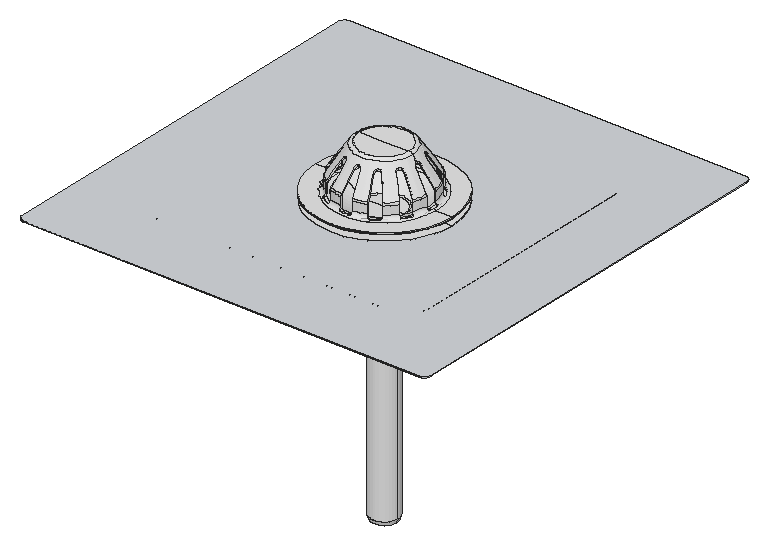
Revit family "Blucher_PlumbingFixture_SiphonicRoofDrain_403.20a", category Plumbing Fixtures, host Face, Revit 2017
Family settings
  Host = Face
  Round Connector Dimension = Use Diameter
  Part Type = Normal
  OmniClass Number = 23.70.50.21.24
  OmniClass Title = Waste Water Drains
  Cut with Voids When Loaded = No
  Shared = No
  Room Calculation Point = No
Parameters (values of type "40mm")
  _BSBibleVersion = 15
  _DistributedBy = "www.bimstore.co.uk"
  _CurrentRevision = 1
  _CreatedBy = "www.bimstore.co.uk"
  _BimSpecGuid = 0
  _Author = "Ian Holmes"
  WarrantyStartDate [instance] = "Please record on commissioning."
  WarrantyGuarantorParts = "mail@blucher.com"
  WarrantyGuarantorLabor = "n/a"
  WarrantyDurationUnit = "Years"
  WarrantyDurationParts = "n/a"
  WarrantyDurationLabor = "n/a"
  WarrantyDescription = "n/a"
  URL = "http://www.blucher.com/"
  TypeName = Type Comments  # "403.204.040"
  Type Comments = "403.204.040"
  PressureDrop [instance] = 0.0 Pa
  PipeMinimumHeight [instance] = PipeMaximumHeight - PipeAdjustment  # 195 mm
  PipeMaximumHeight [instance] = 495 mm  # constant formula
  PipeAdjustment = 300 mm  # constant formula
  MembrainThickness [instance] = 0.8 mm
  MembrainMaterial [instance] = none
  Membrain = yes
  HeightConstraint [instance] = if(HeightAdjustment < PipeMinimumHeight, PipeMinimumHeight, if(HeightAdjustment > PipeMaximumHeight, PipeMaximumHeight, HeightAdjustment))  # 495 mm
  HeightAdjustment [instance] = 495 mm
  Flow_Sewer [instance] = 0.0 L/s
  Flow [instance] = 0.0 L/s
  DrainMaterial = Blucher_Stainless Steel
  Description = "Roof drain with flange for bitumen and pre-mounted bitumen collar."
  SpareParts = "n/a"
  Size = "400mm x 400mm x 40mm"
  Shape = "Rectangular"
  SerialNumber [instance] = "Please record on commissioning."
  ReplacementCost = "n/a"
  ReferencedStandard = "EN1253"
  ProductionYear = "2017"
  NominalLength = 400 mm
  NominalHeight = 496 mm
  NominalDepth = 400 mm
  NBSReference = "90-10-20/304"
  NBSOfficeMasterTag = "n/a"
  NBSObjectName = "BLÜCHER - Siphonic rainwater outlets"
  NBSNote = ""
  NBSDescription = "Siphonic rainwater outlets"
  ModelReference = Model  # "BLÜCHER Siphonic Roof Drain"
  ModelNumber = Type Comments  # "403.204.040"
  Model = "BLÜCHER Siphonic Roof Drain"
  Material = "Available in Stainless Steel AISI 304 & Stainless Steel AISI 316L"
  ManufacturerName = "BLÜCHER"
  Manufacturer = "BLÜCHER"
  Keynote = "R10"
  InstallationDate [instance] = "Please record on commissioning."
  IfcExportType = "IfcWasteTerminalTypeEnum.FLOORWASTE"
  IfcExportAs = "IfcFlowTerminal"
  Grade = "AISI 304/EN 1.4301 or AISI 316L/EN 1.4404"
  Finish = "2B - Pickled"
  Features = "n/a"
  ExpectedLife = 50
  DurationUnit = "Years"
  DocumentationTechnical = "https://www.bimstore.co/products/roof-drain-siphonic-403-20/document/technical-data-sheet"
  DocumentationMaintenance = "https://www.bimstore.co/products/roof-drain-siphonic-403-20/document/maintenance-information"
  DocumentationLiterature = "https://www.bimstore.co/products/roof-drain-siphonic-403-20/document/product-literature"
  DocumentationInstallationGuide = "https://www.bimstore.co/products/roof-drain-siphonic-403-20/document/installation-guide"
  DocumentationCertificates = "https://www.bimstore.co/products/roof-drain-siphonic-403-20/document/product-certificates"
  Default Elevation = 1219.2 mm
  D = 40 mm
  CreatedOn = "2017-11-07-T00:00:00"
  CreatedBy = "mail@blucher.com"
  Constituents = "n/a"
  Color = "Stainless Steel"
  CodePerformance = "n/a"
  ClassificationValue = "Pr_65_50_35_81"
  ClassificationName = "Uniclass2015"
  BarCode [instance] = "Please record on commissioning."
  BIMObjectName = "Blucher_PlumbingFixture_SiphonicRoofDrain_403.20"
  AssetType = "Fixed"
  AssetIdentifier [instance] = "Please record on commissioning."
  Assembly Code = "D2040200"
  AccessibilityPerformance = "n/a"
Types (4, lengths in mm): name | TypeName | Type Comments | Size | ModelNumber | D
  (no name) | "403.204.040" | "403.204.040" | "400mm x 400mm x 40mm" | "403.204.040" | 40
  40mm | "403.204.040" | "403.204.040" | "400mm x 400mm x 40mm" | "403.204.040" | 40
  50mm | "403.204.050" | "403.204.050" | "400mm x 400mm x 50mm" | "403.204.050" | 50
  75mm | "403.204.075" | "403.204.075" | "400mm x 400mm x 75mm" | "403.204.075" | 75
Reference planes
  plane 1 "Center (Front/Back)": y = 0
  plane 2: z = 0
  plane 3 "Center (Left/Right)": x = 0
  plane 4: z = 12
  plane 5: z = -418
  plane 6: z = 77
  plane 7: z = -30
  plane 8: z = 1
Forms (mm)
  Extrusion 1, void
    sketch origin (0, 0, 0) x (1, 0, 0) y (0, 1, 0)
      loop
        circle (0, 0) r 100
    from -418 to 77
Lines and regions (mm)
  reference lines
    curve 1: line (0, 0, 0) -> (0, 0, -418)
Dimensions and locks
  locked: plane 4 to plane 2 at 12
  locked: plane 6 to plane 4 at 65
  "HeightConstraint": plane 6 to plane 5
  locked: plane 2 to plane 7 at 30
  locked: plane 8 to plane 2 at 1
  aligned and locked: plane 2 to host face
  aligned and locked: level to host face
  aligned and locked: plane 1 "Center (Front/Back)" to nested 2
  aligned and locked: plane 3 "Center (Left/Right)" to nested 2
  aligned and locked: plane 3 "Center (Left/Right)" to nested 3
  aligned and locked: plane 1 "Center (Front/Back)" to nested 3
  aligned and locked: plane 1 "Center (Front/Back)" to nested 4
  aligned and locked: plane 3 "Center (Left/Right)" to nested 4
  aligned and locked: nested 4 to plane 5
  aligned and locked: plane 1 "Center (Front/Back)" to nested 5
  aligned and locked: plane 3 "Center (Left/Right)" to nested 5
  aligned and locked: plane 6 to Extrusion 1
  aligned and locked: Extrusion 1 to plane 5
  aligned and locked: plane 5 to curve 1
  aligned and locked: plane 2 to curve 1
  aligned and locked: curve 1 to plane 3 "Center (Left/Right)"
Automatic sketch dimensions
  host sketch curve to host sketch curve = 2438.4 mm  (x2)
  plane 1 "Center (Front/Back)" to Extrusion 1 sketch curve = 0 mm
  Extrusion 1 sketch curve to plane 3 "Center (Left/Right)" = 0 mm
  radius of Extrusion 1 sketch curve = 100 mm
Nested families
  nested 1: "WaterTraps_NotVisable" at (-1080.773, -1219.2, -89.9) x (1, 0, 0) z (0, -1, 0), type "WaterTraps_NotVisable"
  nested 2: "Flange_401.004" at (0, 0, 1), Membrain <- "Membrain", MembrainMaterial <- "MembrainMaterial", MembrainThickness <- "MembrainThickness", type "Flange_401.004"
    with MembrainThickness 0.8 mm, MembrainMaterial none, Membrain yes
  nested 3: "LeafGuard_400.000.001" at (0, 0, 12), type "LeafGuard_400.000.001"
  nested 4: "Pipe" at (0, 0, -30), NominalDiameter <- "D", type "Pipe"
    with TopOffset 4 mm, SocketExternalDiameter 43 mm, NominalDiameter 40 mm, Lip 10 mm, HeadLength 46 mm, H 388 mm
  nested 5: "SiphonicPlate_400.000.100" at (0, 0, 1), D <- "D", type "SiphonicPlate_400.000.100"
    with D 40 mm
Connectors
  piping at (0, 0, -418), diameter 40, driven by "D", driven by "Flow", driven by "PressureDrop"
    settings: on curve 1, index 1, connector inside diameter 609.6 mm, connector length 0 mm, flow factor 0, pipe flow 0.0 L/s, pressure drop 0.0 Pa, fitting loss kfactor 0, connector angle 0.00°, fixture units 0, engagement length 0 mm, angle of deflection 0.00°, flow configuration 2, flow direction 2, fitting loss method 4, system type 16, joint type 0, gender type 0, connector reference index -1, connector utility 0, adjustable connector yes, is connector primary yes, connector description ""
Definition of nested family "Flange_401.004"
  Parameters (values of type "Flange_401.004")
    PlateMaterial = none
    MembrainThickness [instance] = 0.8 mm
    MembrainMaterial [instance] = none
    Membrain [instance] = yes
    Default Elevation = 0 mm
  Reference planes
    plane 1 "Center (Front/Back)": y = 0
    plane 2: z = 0
    plane 3 "Center (Left/Right)": x = 0
    plane 4: z = 0.8
  Forms (mm)
    Extrusion 1, solid
      sketch origin (0, 0, 0) x (1, 0, 0) y (0, 1, 0)
        loop
          line (-1219.2, 1219.2) -> (-1219.2, -1219.2) -> (1219.2, -1219.2) -> (1219.2, 1219.2) -> (-1219.2, 1219.2)
      from 0 to -304.8
    Extrusion 2, solid, material <- "PlateMaterial"
      sketch origin (0, 0, 0) x (1, 0, 0) y (0, 1, 0)
        loop
          line (-200, 172.929) -> (-200, -172.929)
          arc (-200, -172.929) -> (-199.619, -174.842) -> (-198.536, -176.464) r 5
          line (-198.536, -176.464) -> (-176.464, -198.536)
          arc (-176.464, -198.536) -> (-174.842, -199.619) -> (-172.929, -200) r 5
          line (-172.929, -200) -> (172.929, -200)
          arc (172.929, -200) -> (174.842, -199.619) -> (176.464, -198.536) r 5
          line (176.464, -198.536) -> (198.536, -176.464)
          arc (198.536, -176.464) -> (199.619, -174.842) -> (200, -172.929) r 5
          line (200, -172.929) -> (200, 172.929)
          arc (200, 172.929) -> (199.619, 174.842) -> (198.536, 176.464) r 5
          line (198.536, 176.464) -> (176.464, 198.536)
          arc (176.464, 198.536) -> (174.842, 199.619) -> (172.929, 200) r 5
          line (172.929, 200) -> (-172.929, 200)
          arc (-172.929, 200) -> (-174.842, 199.619) -> (-176.464, 198.536) r 5
          line (-176.464, 198.536) -> (-198.536, 176.464)
          arc (-198.536, 176.464) -> (-199.619, 174.842) -> (-200, 172.929) r 5
        loop
          circle (0, 0) r 100
      from -1 to 0
    Extrusion 3, solid, material <- "MembrainMaterial", visible <- "Membrain"
      sketch origin (0, 0, 0) x (1, 0, 0) y (0, 1, 0)
        loop
          line (290, 300) -> (-290, 300)
          arc (-290, 300) -> (-297.071, 297.071) -> (-300, 290) r 10
          line (-300, 290) -> (-300, -290)
          arc (-300, -290) -> (-297.071, -297.071) -> (-290, -300) r 10
          line (-290, -300) -> (290, -300)
          arc (290, -300) -> (297.071, -297.071) -> (300, -290) r 10
          line (300, -290) -> (300, 290)
          arc (300, 290) -> (297.071, 297.071) -> (290, 300) r 10
        loop
          circle (0, 0) r 100
      from 0 to 0.8
  Dimensions and locks
    "MembrainThickness": plane 4 to plane 2
    aligned and locked: plane 2 to Extrusion 1
    aligned and locked: level to Extrusion 1
    aligned and locked: Extrusion 3 to plane 4
  Automatic sketch dimensions
    Extrusion 1 sketch curve to Extrusion 1 sketch curve = 2438.4 mm  (x2)
    plane 1 "Center (Front/Back)" to Extrusion 2 sketch curve = 0 mm
    Extrusion 2 sketch curve to plane 3 "Center (Left/Right)" = 0 mm
    Extrusion 2 sketch curve to Extrusion 2 sketch curve = 3.536 mm  (x10)
    Extrusion 2 sketch curve to Extrusion 2 sketch curve = 1.464 mm  (x2)
    plane 1 "Center (Front/Back)" to Extrusion 3 sketch curve = 0 mm
    Extrusion 3 sketch curve to plane 3 "Center (Left/Right)" = 0 mm
    Extrusion 3 sketch curve to Extrusion 3 sketch curve = 10 mm  (x3)
    Extrusion 3 sketch curve to plane 3 "Center (Left/Right)" = 290 mm
    plane 3 "Center (Left/Right)" to Extrusion 3 sketch curve = 290 mm  (x2)
    plane 1 "Center (Front/Back)" to Extrusion 3 sketch curve = 290 mm
    Extrusion 3 sketch curve to plane 1 "Center (Front/Back)" = 290 mm
    Extrusion 2 sketch curve to plane 3 "Center (Left/Right)" = 172.929 mm  (x2)
    Extrusion 2 sketch curve to Extrusion 2 sketch curve = 22.071 mm  (x6)
    plane 3 "Center (Left/Right)" to Extrusion 2 sketch curve = 172.929 mm  (x2)
    Extrusion 2 sketch curve to Extrusion 2 sketch curve = 5 mm  (x2)
    plane 1 "Center (Front/Back)" to Extrusion 2 sketch curve = 172.929 mm  (x2)
    Extrusion 2 sketch curve to plane 1 "Center (Front/Back)" = 172.929 mm  (x2)
    radius of Extrusion 2 sketch curve = 100 mm
    radius of Extrusion 3 sketch curve = 100 mm
Definition of nested family "LeafGuard_400.000.001"
  Parameters (values of type "LeafGuard_400.000.001")
    LeafGuardMaterial = none
    Default Elevation = 0 mm
  Reference planes
    plane 1 "Center (Front/Back)": y = 0
    plane 2: z = 0
    plane 3 "Center (Left/Right)": x = 0
  Forms (mm)
    Extrusion 1, solid
      sketch origin (0, 0, 0) x (1, 0, 0) y (0, 1, 0)
        loop
          line (-1219.2, 1219.2) -> (-1219.2, -1219.2) -> (1219.2, -1219.2) -> (1219.2, 1219.2) -> (-1219.2, 1219.2)
      from 0 to -304.8
    Revolve 2, solid, material <- "LeafGuardMaterial"
      sketch origin (0, 0, -12) x (1, 0, 0) y (0, 0, 1)
        loop
          arc (-75.403, 12) -> (-70.468, 14.379) -> (-68.467, 19.479) r 7.5
          line (-68.467, 19.479) -> (-68.467, 31.783)
          arc (-68.467, 31.783) -> (-68.287, 32.969) -> (-67.763, 34.048) r 4
          line (-67.763, 34.048) -> (-40.571, 73.615)
          arc (-40.571, 73.615) -> (-38.599, 75.367) -> (-36.038, 76) r 5.5
          line (-36.038, 76) -> (0, 76) -> (0, 77) -> (-36.038, 77)
          arc (-36.038, 77) -> (-39.064, 76.252) -> (-41.395, 74.182) r 6.5
          line (-41.395, 74.182) -> (-68.588, 34.615)
          arc (-68.588, 34.615) -> (-69.242, 33.265) -> (-69.467, 31.783) r 5
          line (-69.467, 31.783) -> (-69.467, 19.479)
          arc (-69.467, 19.479) -> (-71.371, 14.883) -> (-75.967, 12.979) r 6.5
          line (-75.967, 12.979) -> (-100, 12.979) -> (-100, 12) -> (-75.403, 12)
        axis (0, 77) -> (0, 12)
      angle from 0 to 360
    Extrusion 3, void
      sketch origin (0, 0, 0) x (1, 0, 0) y (0, 1, 0)
        loop
          arc (5.168, -50.096) -> (4.044, -47.956) -> (1.893, -46.854) r 4
          arc (1.893, -46.854) -> (0.008, -46.696) -> (-1.877, -46.851) r 11.414
          arc (-1.877, -46.851) -> (-4.04, -47.957) -> (-5.17, -50.107) r 4.015
          line (-5.17, -50.107) -> (-8.432, -68.403)
          arc (-8.432, -68.403) -> (-8.548, -69.278) -> (-8.587, -70.159) r 10
          line (-8.587, -70.159) -> (-8.587, -71.277)
          arc (-8.587, -71.277) -> (-8.264, -72.113) -> (-7.463, -72.516) r 1.245
          arc (-7.463, -72.516) -> (0, -72.878) -> (7.464, -72.515) r 77.106
          arc (7.464, -72.515) -> (8.265, -72.113) -> (8.587, -71.277) r 1.244
          line (8.587, -71.277) -> (8.587, -70.159)
          arc (8.587, -70.159) -> (8.548, -69.278) -> (8.432, -68.403) r 10
          line (8.432, -68.403) -> (5.168, -50.096)
      from 1 to 71.093
    Extrusion 4, void
      sketch origin (0, 0, 0) x (0, -1, 0) y (1, 0, 0)
        loop
          line (5.168, 50.096) -> (8.432, 68.403)
          arc (8.432, 68.403) -> (8.548, 69.278) -> (8.587, 70.159) r 10
          line (8.587, 70.159) -> (8.587, 71.277)
          arc (8.587, 71.277) -> (8.265, 72.113) -> (7.464, 72.515) r 1.244
          arc (7.464, 72.515) -> (0, 72.878) -> (-7.463, 72.516) r 77.106
          arc (-7.463, 72.516) -> (-8.264, 72.113) -> (-8.587, 71.277) r 1.245
          line (-8.587, 71.277) -> (-8.587, 70.159)
          arc (-8.587, 70.159) -> (-8.548, 69.278) -> (-8.432, 68.403) r 10
          line (-8.432, 68.403) -> (-5.17, 50.107)
          arc (-5.17, 50.107) -> (-4.04, 47.957) -> (-1.877, 46.851) r 4.015
          arc (-1.877, 46.851) -> (0.008, 46.696) -> (1.893, 46.854) r 11.414
          arc (1.893, 46.854) -> (4.044, 47.956) -> (5.168, 50.096) r 4
      from 1 to 71.093
    Extrusion 5, void
      sketch origin (0, 0, 0) x (0, -1, 0) y (1, 0, 0)
        loop
          arc (5.168, -50.096) -> (4.044, -47.956) -> (1.893, -46.854) r 4
          arc (1.893, -46.854) -> (0.008, -46.696) -> (-1.877, -46.851) r 11.414
          arc (-1.877, -46.851) -> (-4.04, -47.957) -> (-5.17, -50.107) r 4.015
          line (-5.17, -50.107) -> (-8.432, -68.403)
          arc (-8.432, -68.403) -> (-8.548, -69.278) -> (-8.587, -70.159) r 10
          line (-8.587, -70.159) -> (-8.587, -71.277)
          arc (-8.587, -71.277) -> (-8.264, -72.113) -> (-7.463, -72.516) r 1.245
          arc (-7.463, -72.516) -> (0, -72.878) -> (7.464, -72.515) r 77.106
          arc (7.464, -72.515) -> (8.265, -72.113) -> (8.587, -71.277) r 1.244
          line (8.587, -71.277) -> (8.587, -70.159)
          arc (8.587, -70.159) -> (8.548, -69.278) -> (8.432, -68.403) r 10
          line (8.432, -68.403) -> (5.168, -50.096)
      from 1 to 71.093
    Extrusion 6, void
      sketch origin (0, 0, 0) x (1, 0, 0) y (0, 1, 0)
        loop
          line (5.168, 50.096) -> (8.432, 68.403)
          arc (8.432, 68.403) -> (8.548, 69.278) -> (8.587, 70.159) r 10
          line (8.587, 70.159) -> (8.587, 71.277)
          arc (8.587, 71.277) -> (8.265, 72.113) -> (7.464, 72.515) r 1.244
          arc (7.464, 72.515) -> (0, 72.878) -> (-7.463, 72.516) r 77.106
          arc (-7.463, 72.516) -> (-8.264, 72.113) -> (-8.587, 71.277) r 1.245
          line (-8.587, 71.277) -> (-8.587, 70.159)
          arc (-8.587, 70.159) -> (-8.548, 69.278) -> (-8.432, 68.403) r 10
          line (-8.432, 68.403) -> (-5.17, 50.107)
          arc (-5.17, 50.107) -> (-4.04, 47.957) -> (-1.877, 46.851) r 4.015
          arc (-1.877, 46.851) -> (0.008, 46.696) -> (1.893, 46.854) r 11.414
          arc (1.893, 46.854) -> (4.044, 47.956) -> (5.168, 50.096) r 4
      from 1 to 71.093
    Extrusion 7, void
      sketch origin (0, 0, 0) x (-0.5, 0.866025, 0) y (-0.866025, -0.5, 0)
        loop
          line (5.168, 50.096) -> (8.432, 68.403)
          arc (8.432, 68.403) -> (8.548, 69.278) -> (8.587, 70.159) r 10
          line (8.587, 70.159) -> (8.587, 71.277)
          arc (8.587, 71.277) -> (8.265, 72.113) -> (7.464, 72.515) r 1.244
          arc (7.464, 72.515) -> (0, 72.878) -> (-7.463, 72.516) r 77.106
          arc (-7.463, 72.516) -> (-8.264, 72.113) -> (-8.587, 71.277) r 1.245
          line (-8.587, 71.277) -> (-8.587, 70.159)
          arc (-8.587, 70.159) -> (-8.548, 69.278) -> (-8.432, 68.403) r 10
          line (-8.432, 68.403) -> (-5.17, 50.107)
          arc (-5.17, 50.107) -> (-4.04, 47.957) -> (-1.877, 46.851) r 4.015
          arc (-1.877, 46.851) -> (0.008, 46.696) -> (1.893, 46.854) r 11.414
          arc (1.893, 46.854) -> (4.044, 47.956) -> (5.168, 50.096) r 4
      from 1 to 71.093
    Extrusion 8, void
      sketch origin (0, 0, 0) x (-0.5, 0.866025, 0) y (-0.866025, -0.5, 0)
        loop
          arc (5.168, -50.096) -> (4.044, -47.956) -> (1.893, -46.854) r 4
          arc (1.893, -46.854) -> (0.008, -46.696) -> (-1.877, -46.851) r 11.414
          arc (-1.877, -46.851) -> (-4.04, -47.957) -> (-5.17, -50.107) r 4.015
          line (-5.17, -50.107) -> (-8.432, -68.403)
          arc (-8.432, -68.403) -> (-8.548, -69.278) -> (-8.587, -70.159) r 10
          line (-8.587, -70.159) -> (-8.587, -71.277)
          arc (-8.587, -71.277) -> (-8.264, -72.113) -> (-7.463, -72.516) r 1.245
          arc (-7.463, -72.516) -> (0, -72.878) -> (7.464, -72.515) r 77.106
          arc (7.464, -72.515) -> (8.265, -72.113) -> (8.587, -71.277) r 1.244
          line (8.587, -71.277) -> (8.587, -70.159)
          arc (8.587, -70.159) -> (8.548, -69.278) -> (8.432, -68.403) r 10
          line (8.432, -68.403) -> (5.168, -50.096)
      from 1 to 71.093
    Extrusion 9, void
      sketch origin (0, 0, 0) x (-0.5, -0.866025, 0) y (0.866025, -0.5, 0)
        loop
          arc (5.168, -50.096) -> (4.044, -47.956) -> (1.893, -46.854) r 4
          arc (1.893, -46.854) -> (0.008, -46.696) -> (-1.877, -46.851) r 11.414
          arc (-1.877, -46.851) -> (-4.04, -47.957) -> (-5.17, -50.107) r 4.015
          line (-5.17, -50.107) -> (-8.432, -68.403)
          arc (-8.432, -68.403) -> (-8.548, -69.278) -> (-8.587, -70.159) r 10
          line (-8.587, -70.159) -> (-8.587, -71.277)
          arc (-8.587, -71.277) -> (-8.264, -72.113) -> (-7.463, -72.516) r 1.245
          arc (-7.463, -72.516) -> (0, -72.878) -> (7.464, -72.515) r 77.106
          arc (7.464, -72.515) -> (8.265, -72.113) -> (8.587, -71.277) r 1.244
          line (8.587, -71.277) -> (8.587, -70.159)
          arc (8.587, -70.159) -> (8.548, -69.278) -> (8.432, -68.403) r 10
          line (8.432, -68.403) -> (5.168, -50.096)
      from 1 to 71.093
    Extrusion 10, void
      sketch origin (0, 0, 0) x (-0.5, -0.866025, 0) y (0.866025, -0.5, 0)
        loop
          line (5.168, 50.096) -> (8.432, 68.403)
          arc (8.432, 68.403) -> (8.548, 69.278) -> (8.587, 70.159) r 10
          line (8.587, 70.159) -> (8.587, 71.277)
          arc (8.587, 71.277) -> (8.265, 72.113) -> (7.464, 72.515) r 1.244
          arc (7.464, 72.515) -> (0, 72.878) -> (-7.463, 72.516) r 77.106
          arc (-7.463, 72.516) -> (-8.264, 72.113) -> (-8.587, 71.277) r 1.245
          line (-8.587, 71.277) -> (-8.587, 70.159)
          arc (-8.587, 70.159) -> (-8.548, 69.278) -> (-8.432, 68.403) r 10
          line (-8.432, 68.403) -> (-5.17, 50.107)
          arc (-5.17, 50.107) -> (-4.04, 47.957) -> (-1.877, 46.851) r 4.015
          arc (-1.877, 46.851) -> (0.008, 46.696) -> (1.893, 46.854) r 11.414
          arc (1.893, 46.854) -> (4.044, 47.956) -> (5.168, 50.096) r 4
      from 1 to 71.093
    Extrusion 11, void
      sketch origin (0, 0, 0) x (-0.866025, 0.5, 0) y (-0.5, -0.866025, 0)
        loop
          line (5.168, 50.096) -> (8.432, 68.403)
          arc (8.432, 68.403) -> (8.548, 69.278) -> (8.587, 70.159) r 10
          line (8.587, 70.159) -> (8.587, 71.277)
          arc (8.587, 71.277) -> (8.265, 72.113) -> (7.464, 72.515) r 1.244
          arc (7.464, 72.515) -> (0, 72.878) -> (-7.463, 72.516) r 77.106
          arc (-7.463, 72.516) -> (-8.264, 72.113) -> (-8.587, 71.277) r 1.245
          line (-8.587, 71.277) -> (-8.587, 70.159)
          arc (-8.587, 70.159) -> (-8.548, 69.278) -> (-8.432, 68.403) r 10
          line (-8.432, 68.403) -> (-5.17, 50.107)
          arc (-5.17, 50.107) -> (-4.04, 47.957) -> (-1.877, 46.851) r 4.015
          arc (-1.877, 46.851) -> (0.008, 46.696) -> (1.893, 46.854) r 11.414
          arc (1.893, 46.854) -> (4.044, 47.956) -> (5.168, 50.096) r 4
      from 1 to 71.093
    Extrusion 12, void
      sketch origin (0, 0, 0) x (-0.866025, 0.5, 0) y (-0.5, -0.866025, 0)
        loop
          arc (5.168, -50.096) -> (4.044, -47.956) -> (1.893, -46.854) r 4
          arc (1.893, -46.854) -> (0.008, -46.696) -> (-1.877, -46.851) r 11.414
          arc (-1.877, -46.851) -> (-4.04, -47.957) -> (-5.17, -50.107) r 4.015
          line (-5.17, -50.107) -> (-8.432, -68.403)
          arc (-8.432, -68.403) -> (-8.548, -69.278) -> (-8.587, -70.159) r 10
          line (-8.587, -70.159) -> (-8.587, -71.277)
          arc (-8.587, -71.277) -> (-8.264, -72.113) -> (-7.463, -72.516) r 1.245
          arc (-7.463, -72.516) -> (0, -72.878) -> (7.464, -72.515) r 77.106
          arc (7.464, -72.515) -> (8.265, -72.113) -> (8.587, -71.277) r 1.244
          line (8.587, -71.277) -> (8.587, -70.159)
          arc (8.587, -70.159) -> (8.548, -69.278) -> (8.432, -68.403) r 10
          line (8.432, -68.403) -> (5.168, -50.096)
      from 1 to 71.093
    Extrusion 13, void
      sketch origin (0, 0, 0) x (0.866025, 0.5, 0) y (-0.5, 0.866025, 0)
        loop
          arc (5.168, -50.096) -> (4.044, -47.956) -> (1.893, -46.854) r 4
          arc (1.893, -46.854) -> (0.008, -46.696) -> (-1.877, -46.851) r 11.414
          arc (-1.877, -46.851) -> (-4.04, -47.957) -> (-5.17, -50.107) r 4.015
          line (-5.17, -50.107) -> (-8.432, -68.403)
          arc (-8.432, -68.403) -> (-8.548, -69.278) -> (-8.587, -70.159) r 10
          line (-8.587, -70.159) -> (-8.587, -71.277)
          arc (-8.587, -71.277) -> (-8.264, -72.113) -> (-7.463, -72.516) r 1.245
          arc (-7.463, -72.516) -> (0, -72.878) -> (7.464, -72.515) r 77.106
          arc (7.464, -72.515) -> (8.265, -72.113) -> (8.587, -71.277) r 1.244
          line (8.587, -71.277) -> (8.587, -70.159)
          arc (8.587, -70.159) -> (8.548, -69.278) -> (8.432, -68.403) r 10
          line (8.432, -68.403) -> (5.168, -50.096)
      from 1 to 71.093
    Extrusion 14, void
      sketch origin (0, 0, 0) x (0.866025, 0.5, 0) y (-0.5, 0.866025, 0)
        loop
          line (5.168, 50.096) -> (8.432, 68.403)
          arc (8.432, 68.403) -> (8.548, 69.278) -> (8.587, 70.159) r 10
          line (8.587, 70.159) -> (8.587, 71.277)
          arc (8.587, 71.277) -> (8.265, 72.113) -> (7.464, 72.515) r 1.244
          arc (7.464, 72.515) -> (0, 72.878) -> (-7.463, 72.516) r 77.106
          arc (-7.463, 72.516) -> (-8.264, 72.113) -> (-8.587, 71.277) r 1.245
          line (-8.587, 71.277) -> (-8.587, 70.159)
          arc (-8.587, 70.159) -> (-8.548, 69.278) -> (-8.432, 68.403) r 10
          line (-8.432, 68.403) -> (-5.17, 50.107)
          arc (-5.17, 50.107) -> (-4.04, 47.957) -> (-1.877, 46.851) r 4.015
          arc (-1.877, 46.851) -> (0.008, 46.696) -> (1.893, 46.854) r 11.414
          arc (1.893, 46.854) -> (4.044, 47.956) -> (5.168, 50.096) r 4
      from 1 to 71.093
    Revolve 15, solid, material <- "LeafGuardMaterial"
      sketch origin (0, 0, 0) x (1, 0, 0) y (0, 0, 1)
        loop
          line (0, -21) -> (0, -20) -> (-28.762, -20)
          arc (-28.762, -20) -> (-29.927, -19.847) -> (-31.012, -19.397) r 4.5
          line (-31.012, -19.397) -> (-62.288, -1.34)
          arc (-62.288, -1.34) -> (-64.7, -0.341) -> (-67.288, 0) r 10
          line (-67.288, 0) -> (-100, 0) -> (-100, -1) -> (-67.288, -1)
          arc (-67.288, -1) -> (-64.959, -1.307) -> (-62.788, -2.206) r 9
          line (-62.788, -2.206) -> (-31.512, -20.263)
          arc (-31.512, -20.263) -> (-30.186, -20.813) -> (-28.762, -21) r 5.5
          line (-28.762, -21) -> (0, -21)
        axis (0, 0) -> (0, -21)
      angle from 0 to 360
  Cuts and joins
    Extrusion 3, Extrusion 4, Extrusion 5, Extrusion 6, Extrusion 7, Extrusion 8, Extrusion 9, Extrusion 10, Extrusion 11, Extrusion 12, Extrusion 13, Extrusion 14 cuts Revolve 2
  Dimensions and locks
    aligned and locked: plane 2 to Extrusion 1
    aligned and locked: level to Extrusion 1
Definition of nested family "Pipe"
  Parameters (values of type "Pipe")
    TopOffset [instance] = if(NominalDiameter = 40 mm, 4 mm, if(NominalDiameter = 50 mm, 3 mm, if(NominalDiameter = 75 mm, 4 mm, 5 mm)))  # 4 mm
    T = 1 mm
    SocketExternalDiameter [instance] = NominalDiameter + 3 mm  # 43 mm
    PipeMaterial = none
    NominalDiameter [instance] = 40 mm
    Lip [instance] = if(NominalDiameter = 40 mm, 10 mm, if(NominalDiameter = 50 mm, 10 mm, if(NominalDiameter = 75 mm, 10.5 mm, 12 mm)))  # 10 mm
    HeadLength [instance] = if(NominalDiameter = 40 mm, 46 mm, if(NominalDiameter = 50 mm, 47 mm, if(NominalDiameter = 75 mm, 55 mm, 62 mm)))  # 46 mm
    H [instance] = 502 mm
    Default Elevation = 0 mm
  Reference planes
    plane 1 "Center (Front/Back)": y = 0
    plane 2: z = 0
    plane 3 "Center (Left/Right)": x = 0
    plane 4: z = -46
    plane 5: z = -40.816
    plane 6: z = -14
    plane 7: z = -4
    plane 8: z = -502
    plane 9: x = 20
    plane 10: x = 21.5
    plane 11: x = -21.5
    plane 12: x = -20
    plane 13: x = -20.5
    plane 14: x = 20.5
    plane 15: x = 19
    plane 16: x = -19
    plane 17: x = 26.5
    plane 18: x = 25.5
    plane 19: z = -13
    plane 20: z = -5
    plane 21: z = -496.506
    plane 22: x = 18.01
  Forms (mm)
    Extrusion 1, solid
      sketch origin (0, 0, 0) x (1, 0, 0) y (0, 1, 0)
        loop
          line (-1219.2, 1219.2) -> (-1219.2, -1219.2) -> (1219.2, -1219.2) -> (1219.2, 1219.2) -> (-1219.2, 1219.2)
      from 0 to -304.8
    Revolve 2, solid, material <- "PipeMaterial"
      sketch origin (0, 0, 0) x (1, 0, 0) y (0, 0, 1)
        loop
          line (21.5, 0) -> (20.5, 0) -> (20.5, -2.452)
          arc (20.5, -2.452) -> (21.246, -4.254) -> (23.048, -5) r 2.548
          line (23.048, -5) -> (24, -5)
          arc (24, -5) -> (25.061, -5.439) -> (25.5, -6.5) r 1.5
          line (25.5, -6.5) -> (25.5, -11.527)
          arc (25.5, -11.527) -> (25.069, -12.569) -> (24.027, -13) r 1.473
          line (24.027, -13) -> (23, -13)
          arc (23, -13) -> (21.232, -13.732) -> (20.5, -15.5) r 2.5
          line (20.5, -15.5) -> (20.5, -40.674) -> (19, -45.858) -> (19, -496.329) -> (17.062, -501.655) -> (18.01, -502) -> (20, -496.506) -> (20, -46) -> (21.5, -40.816) -> (21.5, -15.5)
          arc (21.5, -15.5) -> (21.939, -14.439) -> (23, -14) r 1.5
          line (23, -14) -> (24.027, -14)
          arc (24.027, -14) -> (25.776, -13.276) -> (26.5, -11.527) r 2.473
          line (26.5, -11.527) -> (26.5, -6.5)
          arc (26.5, -6.5) -> (25.768, -4.732) -> (24, -4) r 2.5
          line (24, -4) -> (23.048, -4)
          arc (23.048, -4) -> (21.953, -3.547) -> (21.5, -2.452) r 1.548
          line (21.5, -2.452) -> (21.5, 0)
        axis (0, 0) -> (0, -502)
      angle from 0 to 360
  Dimensions and locks
    locked: plane 5 to plane 4 at 5.184
    "TopOffset": plane 2 to plane 7
    "Lip": plane 7 to plane 6
    "HeadLength": plane 2 to plane 4
    "H": plane 2 to plane 8
    "SocketExternalDiameter": plane 11 to plane 10
    equal spacing: plane 10, plane 3 "Center (Left/Right)", plane 11
    equal spacing: plane 9, plane 3 "Center (Left/Right)", plane 12
    "NominalDiameter": plane 9 to plane 12
    "T": plane 13 to plane 11
    "T": plane 14 to plane 10
    "T": plane 15 to plane 9
    "T": plane 16 to plane 12
    "T": plane 18 to plane 17
    locked: plane 10 to plane 17 at 5
    "T": Revolve 2 sketch curve to Revolve 2 sketch curve
    "T": plane 19 to plane 6
    "T": plane 7 to plane 20
    locked: plane 21 to plane 8 at 5.494
    locked: plane 22 to plane 9 at 1.99
    radius of Revolve 2 sketch curve = 1.5 mm  (x2)
    radius of Revolve 2 sketch curve = 2.548 mm
    radius of Revolve 2 sketch curve = 1.548 mm
    radius of Revolve 2 sketch curve = 2.5 mm  (x2)
    radius of Revolve 2 sketch curve = 1.473 mm
    radius of Revolve 2 sketch curve = 2.473 mm
    locked: Revolve 2 sketch curve to plane 8 (angle 20.00°)
    aligned and locked: plane 2 to Extrusion 1
    aligned and locked: level to Extrusion 1
    aligned and locked: plane 10 to Revolve 2 sketch curve
    aligned and locked: plane 14 to Revolve 2 sketch curve
    aligned and locked: plane 2 to Revolve 2 sketch curve
    aligned and locked: Revolve 2 sketch curve to plane 18
    aligned and locked: Revolve 2 sketch curve to plane 17
    aligned and locked: Revolve 2 sketch curve to plane 10
    aligned and locked: Revolve 2 sketch curve to plane 14
    aligned and locked: plane 4 to Revolve 2 sketch curve
    aligned and locked: plane 5 to Revolve 2 sketch curve
    aligned and locked: plane 9 to Revolve 2 sketch curve
    aligned and locked: plane 20 to Revolve 2 sketch curve
    aligned and locked: plane 7 to Revolve 2 sketch curve
    aligned and locked: plane 19 to Revolve 2 sketch curve
    aligned and locked: plane 6 to Revolve 2 sketch curve
    aligned and locked: plane 22 to Revolve 2 sketch curve
    aligned and locked: plane 8 to Revolve 2 sketch curve
    aligned and locked: plane 21 to Revolve 2 sketch curve
  Automatic sketch dimensions
    Extrusion 1 sketch curve to Extrusion 1 sketch curve = 2438.4 mm  (x2)
    Revolve 2 sketch curve to plane 3 "Center (Left/Right)" = 0 mm
    plane 15 to Revolve 2 sketch curve = 0 mm
    Revolve 2 sketch curve to plane 8 = 0.345 mm
    Revolve 2 sketch curve to plane 5 = 4.752 mm
    Revolve 2 sketch curve to Revolve 2 sketch curve = 13.208 mm
Definition of nested family "SiphonicPlate_400.000.100"
  Parameters (values of type "SiphonicPlate_400.000.100")
    PlateMaterial = none
    Default Elevation = 0 mm
    D [instance] = 75 mm
  Reference planes
    plane 1 "Center (Front/Back)": y = 0
    plane 2: z = 0
    plane 3 "Center (Left/Right)": x = 0
    plane 4: x = -36.5
    plane 5: x = -37.5
    plane 6: x = 36.5
    plane 7: x = 37.5
    plane 8: z = -33
    plane 9: x = -73.177
    plane 10: x = -100
  Forms (mm)
    Extrusion 1, solid
      sketch origin (0, 0, 0) x (1, 0, 0) y (0, 1, 0)
        loop
          line (-1219.2, 1219.2) -> (-1219.2, -1219.2) -> (1219.2, -1219.2) -> (1219.2, 1219.2) -> (-1219.2, 1219.2)
      from 0 to -304.8
    Revolve 2, solid, material <- "PlateMaterial"
      sketch origin (0, 0, 0) x (1, 0, 0) y (0, 0, 1)
        loop
          line (-37.5, -33) -> (-36.5, -33) -> (-36.5, -21.916)
          arc (-36.5, -21.916) -> (-36.762, -20.94) -> (-37.476, -20.225) r 1.952
          line (-37.476, -20.225) -> (-71.927, -0.335)
          arc (-71.927, -0.335) -> (-72.53, -0.085) -> (-73.177, 0) r 2.5
          line (-73.177, 0) -> (-100, 0) -> (-100, -1) -> (-73.177, -1)
          arc (-73.177, -1) -> (-72.788, -1.051) -> (-72.427, -1.201) r 1.5
          line (-72.427, -1.201) -> (-37.976, -21.091)
          arc (-37.976, -21.091) -> (-37.628, -21.44) -> (-37.5, -21.916) r 0.952
          line (-37.5, -21.916) -> (-37.5, -33)
        axis (0, 0) -> (0, -33)
      angle from 0 to 360
  Dimensions and locks
    locked: plane 5 to plane 4 at 1
    locked: plane 7 to plane 6 at 1
    equal spacing: plane 5, plane 3 "Center (Left/Right)", plane 7
    "D": plane 5 to plane 7
    locked: plane 2 to plane 8 at 33
    locked: plane 3 "Center (Left/Right)" to plane 9 at 73.177
    locked: plane 9 to plane 10 at 26.823
    radius of Revolve 2 sketch curve = 0.952 mm
    radius of Revolve 2 sketch curve = 1.952 mm
    radius of Revolve 2 sketch curve = 1.5 mm
    radius of Revolve 2 sketch curve = 2.5 mm
    locked: Revolve 2 sketch curve to plane 8 (angle 30.00°)  (x2)
    aligned and locked: plane 2 to Extrusion 1
    aligned and locked: level to Extrusion 1
    aligned and locked: Revolve 2 sketch curve to plane 5
    aligned and locked: Revolve 2 sketch curve to plane 4
    aligned and locked: plane 9 to Revolve 2 sketch curve  (x2)
    aligned and locked: Revolve 2 sketch curve to plane 10
    aligned and locked: plane 8 to Revolve 2 sketch curve
  Automatic sketch dimensions
    Extrusion 1 sketch curve to Extrusion 1 sketch curve = 2438.4 mm  (x2)
    Revolve 2 sketch curve to Revolve 2 sketch curve = 0 mm
    Revolve 2 sketch curve to level = 0 mm
    Revolve 2 sketch curve to plane 3 "Center (Left/Right)" = 0 mm
    Revolve 2 sketch curve to Revolve 2 sketch curve = 0.476 mm
    Revolve 2 sketch curve to level = 0.335 mm
    Revolve 2 sketch curve to Revolve 2 sketch curve = 0.5 mm
    Revolve 2 sketch curve to plane 5 = 0.024 mm
    Revolve 2 sketch curve to Revolve 2 sketch curve = 1.735 mm
    Revolve 2 sketch curve to Revolve 2 sketch curve = 17.922 mm
Definition of nested family "WaterTraps_NotVisable"
  Parameters (values of type "WaterTraps_NotVisable")
    WaterTrapMaterial [instance] = none
    Default Elevation = 1219.2 mm
  Reference planes
    plane 1 "Center (Front/Back)": y = 0
    plane 2: z = 0
    plane 3 "Center (Left/Right)": x = 0
  Forms (mm)
    Extrusion 1, solid
      sketch origin (0, 0, 0) x (1, 0, 0) y (0, 1, 0)
        loop
          line (-1219.2, 1219.2) -> (-1219.2, -1219.2) -> (1219.2, -1219.2) -> (1219.2, 1219.2) -> (-1219.2, 1219.2)
      from 0 to -304.8
  Dimensions and locks
    aligned and locked: plane 2 to Extrusion 1
    aligned and locked: level to Extrusion 1
